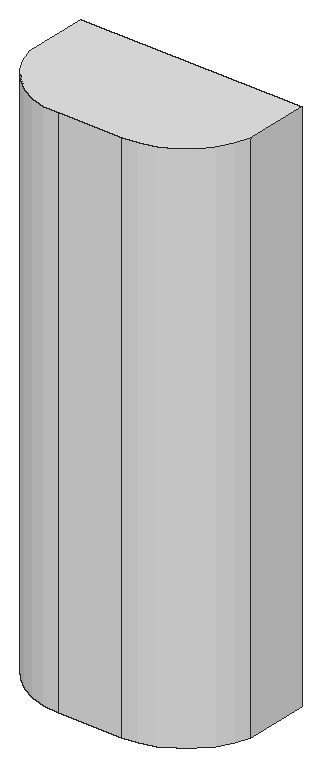
Revit family "LE Basin", category Furniture, Revit 2018
Family settings
  OmniClass Number = 23.40.20.00
  OmniClass Title = General Furniture and Specialties
  Work Plane-Based = No
  Always vertical = Yes
  Cut with Voids When Loaded = No
  Shared = No
  Room Calculation Point = No
Parameters (values of type "350x200mm Hand Rinse Basin")
  Width = 200 mm
  URL = "https://studiole.uk"
  Manufacturer = "LE"
  Length = 350 mm
  Height = 850 mm
  Half Width = Width / 2  # 100 mm
  Frame Material = Generic, White
Types (2, lengths in mm): name | Width | Length | Half Width
  600x450mm Hand Wash Basin | 450 | 600 | 225
  350x200mm Hand Rinse Basin | 200 | 350 | 100
Reference planes
  plane 1 "Center (Front/Back)": y = 0
  plane 2: z = 0
  plane 3 "Center (Left/Right)": x = 0
  plane 4 "Left": x = -175
  plane 5 "Right": x = 175
  plane 6 "Foot": y = -100
  plane 7 "Head": y = 100
  plane 8 "Height": z = 850
  plane 9 "Chair 4": x = -135
  plane 10 "Chair 5": x = 135
  plane 11 "Chair 6": y = 20
  plane 12 "Chair 7": y = -60
  plane 13 "Chair 8": y = 0
  plane 14 "Centre (Front/Back)": y = 0
  plane 15 "Chair 12": x = -50
  plane 16 "Chair 13": x = 50
Forms (mm)
  Extrusion 1, solid, material "Generic, White" <- "Frame Material"
    sketch origin (0, 0, 0) x (1, 0, 0) y (0, 1, 0)
      loop
        arc (-175, 0) -> (-130.039, -71.924) -> (-50, -100) r 128.125
        line (-50, -100) -> (50, -100)
        arc (50, -100) -> (130.039, -71.924) -> (175, 0) r 128.125
        line (175, 0) -> (175, 100) -> (-175, 100) -> (-175, 0)
    from 0 to 850 <- "Height"
Lines and regions (mm)
  model lines
    curve 1: line (-135, 20, 850) -> (135, 20, 850)
    curve 2: line (135, 20, 850) -> (135, 0, 850)
    curve 3: line (-135, 20, 850) -> (-135, 0, 850)
    curve 4: line (-50, -60, 850) -> (75, -60, 850)
    curve 5: arc (-50, -60, 850) -> (-102.022, -43.489, 850) -> (-135, 0, 850) r 90.208
    curve 6: arc (75, -60, 850) -> (117.426, -42.426, 850) -> (135, 0, 850) r 60
Dimensions and locks
  "Width": plane 7 "Head" to plane 6 "Foot"
  equal spacing: plane 7 "Head", plane 1 "Center (Front/Back)", plane 6 "Foot"
  "Length": plane 4 "Left" to plane 5 "Right"
  equal spacing: plane 4 "Left", plane 3 "Center (Left/Right)", plane 5 "Right"
  "Height": plane 8 "Height" to plane 2
  plane 12 "Chair 7" to plane 6 "Foot" = 40 mm
  plane 7 "Head" to plane 11 "Chair 6" = 80 mm
  plane 4 "Left" to plane 9 "Chair 4" = 40 mm
  plane 10 "Chair 5" to plane 5 "Right" = 40 mm
  "Half Width": plane 14 "Centre (Front/Back)" to plane 6 "Foot"
  "Half Width": plane 7 "Head" to plane 13 "Chair 8"
  plane 15 "Chair 12" to plane 3 "Center (Left/Right)" to plane 16 "Chair 13" = 50 mm, 50 mm
  aligned and locked: level to plane 2
Automatic sketch dimensions
  curve 1 to plane 9 "Chair 4" = 0 mm
  curve 1 to plane 11 "Chair 6" = 0 mm
  plane 1 "Center (Front/Back)" to Extrusion 1 sketch curve = 0 mm  (x2)
  Extrusion 1 sketch curve to plane 4 "Left" = 0 mm
  Extrusion 1 sketch curve to plane 15 "Chair 12" = 0 mm
  Extrusion 1 sketch curve to plane 6 "Foot" = 0 mm
  Extrusion 1 sketch curve to plane 16 "Chair 13" = 0 mm
  Extrusion 1 sketch curve to plane 5 "Right" = 0 mm
  Extrusion 1 sketch curve to plane 7 "Head" = 0 mm
  plane 1 "Center (Front/Back)" to curve 2 = 0 mm
  plane 12 "Chair 7" to curve 4 = 0 mm
  plane 1 "Center (Front/Back)" to curve 5 = 0 mm
  curve 6 to plane 10 "Chair 5" = 0 mm
  curve 5 to plane 15 "Chair 12" = 0 mm
